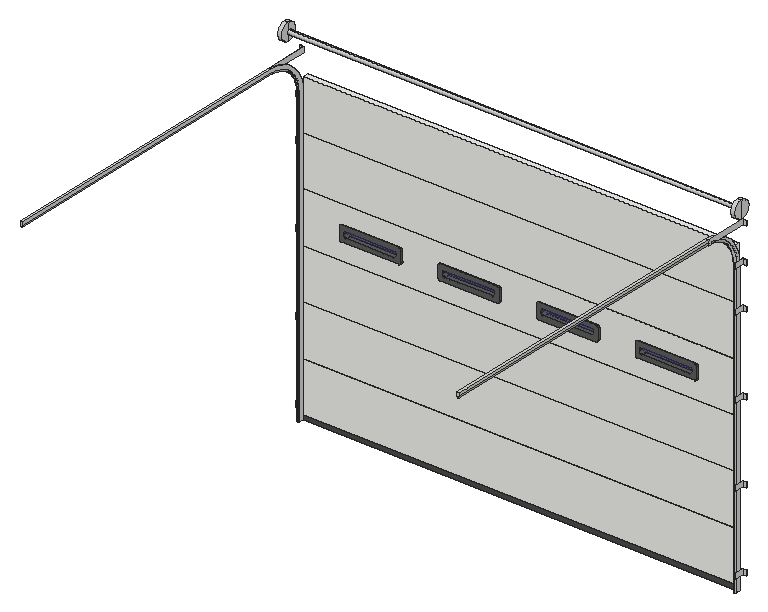
Revit family "Overhead-Sect_HAAS_Res_2000", category Doors, host Wall, Revit 2026
Family settings
  Host = Wall
  Classification Number = 23.30.10.17.37.14
  Always vertical = Yes
  Cut with Voids When Loaded = No
  Shared = No
  Room Calculation Point = No
Parameters
  rearspring = no
  Warranty Duration (Years) = 0
  Viewport Frame Finish [instance] = Finish - Trim - HAAS - Black
  Unit Width [instance] = if(Wood Jamb, Opening Width, Opening Width + 0' 2")  # 14' - 0"
  Wood Jamb [instance] = yes
  URL = "http://www.haasdoor.com/about/index.html"
  U Value = 0
  Type Comments = ""
  Track_High Lift_CHECK WITH HAAS FOR VALUE [instance] = 0' - 7"
  Track [instance] = Steel
  Thickness = 0' - 0"  # constant formula
  Test Data = ""
  Steel Jamb [instance] = not(Wood Jamb)  # no
  Standards Conformance = "as Specified"
  Specification = ""
  SpecWizard = ""
  Send Message = ""
  Sales Information = "http://www.haasdoor.com/locator/index.php"
  Rough Width = 0' - 0"  # constant formula
  Rough Height = 0' - 0"  # constant formula
  Roof Incline Default = 0.00°
  Revision = "R1_2015-11"
  Recycled Content [instance] = "as Specified"
  R-Value = 13.45
  Product Properties = ""
  Product Data = "http://www.arcat.com/arcatcos/cos32/arc32915.html"
  Panel Width [instance] = 14' - 0"
  Panel Thickness = 0' - 2"
  Panel Material_Interior [instance] = Metal - Steel - HAAS - Polar White V-Groove
  Panel Material_Inset Panel [instance] = Metal - Steel - HAAS - Polar White
  Panel Material_Exterior [instance] = Metal - Steel - HAAS - Polar White
  Panel Height [instance] = if(1 = 1, Opening Height, 0' 0")  # 10' - 0"
  Overhead Sectional Style [instance] = Door_Overhead-Sectional-Panel_Haas_No-Inset-Panels : Design B
  Operation = "Overhead Sectional"
  Opening Width [instance] = 14' - 0"
  Opening Height [instance] = 10' - 0"
  Track Type [instance] = Tracks_Standard-Lift : Tracks_Standard-Lift
  Model = ""
  Max Width = 0' - 0"
  Max Height = 0' - 0"
  Manufacturer Website = "http://www.haasdoor.com/about/index.html"
  Manufacturer Phone - Toll Free = ""
  Manufacturer Phone = "419-337-9900"
  Manufacturer Fax = "800-874-4227"
  Manufacturer Address = "320 Sycamore Rd. Wauseon, OH 43567"
  Manufacturer = "Haas Door Co."
  Maintenance Schedule (Months) = 0
  Keynote = "08360"
  Interior Skin = "as Specified"
  Installation-Fabrication = ""
  Installation Phase = ""
  Green Building-LEED = ""
  Viewport Glazing [instance] = Glass
  Function = 1
  Height = 0' - 0"  # constant formula
  Wall Closure = (empty or 0)
  Width = 0' - 0"  # constant formula
  Fire Rating = ""
  Exterior Skin = "as Specified"
  Expected Lifespan (Years) = 0
  End Stile Type = "as Specified"
  Drawn By = "Sumex Design, Inc."
  Description = "Haas Residential Overhead Sectional Door - 2000 Series"
  Cost = 0
  Copyright = "©Arcat Inc."  # constant formula
  Construction Type = ""
  Construction Details = ""
  Building Codes = ""
  Bottom Seal Color [instance] = Finish - Weather Seal - HAAS - Black
  Assembly Code = "B2030410"
  AAMA Designation = "as Specified"
  3in Track [instance] = not([2in Track])  # no
  2in Track [instance] = yes
Reference planes (in)
  plane 1 "Center (Front/Back)": y = 0
  plane 2 "Center (Left/Right)": x = 0
  plane 3 "Left": x = -84
  plane 4 "Right": x = 84
  plane 5 "Top": z = 120
  plane 6 "Exterior": y = 3
  plane 7 "Interior": y = -3
  plane 8: z = 2
  plane 9 "Back of Panel": y = -5
  plane 10: y = -4
  plane 11 "Track": y = -4.625
Lines and regions (in)
  Opening 1
    outline origin (-90, -3, 0) x (1, 0, 0) y (0, 0, 1)
      loop
        line (6, 0) -> (174, 0) -> (174, 120) -> (6, 120) -> (6, 0)
Text (in)
  text "Exterior" at (-74.96733, 27.31104, 0), in view "Ref. Level"
  text "Interior" at (-74.96733, -25.14366, 0), in view "Ref. Level"
  text "Exterior" at (0, 40.15149, 123.01588), in view "Right"
  text "Interior" at (0, -64.39139, 123.01588), in view "Right"
  text "Interior" at (0, -31.01599, 123.00693), in view "Left"
  text "Exterior" at (0, 54.57065, 123.00693), in view "Left"
Dimensions and locks (in)
  equal spacing: plane 3 "Left", plane 2 "Center (Left/Right)", plane 4 "Right"
  "Opening Height": level to plane 5 "Top"
  "Opening Width": plane 3 "Left" to plane 4 "Right"
  plane 8 to level = 0' - 2"
  plane 3 "Left" to plane 4 "Right" = 14' - 0"
  "Panel Thickness": plane 9 "Back of Panel" to plane 7 "Interior"
  equal spacing: plane 9 "Back of Panel", plane 10, plane 7 "Interior"
  locked: plane 11 "Track" to plane 7 "Interior" at 1.625
  aligned and locked: plane 3 "Left" to Opening 1 sketch curve
  aligned and locked: plane 5 "Top" to Opening 1 sketch curve
  aligned and locked: Opening 1 sketch curve to plane 5 "Top"
  aligned and locked: Opening 1 sketch curve to plane 4 "Right"
  aligned and locked: Opening 1 sketch curve to level
  aligned and locked: plane 6 "Exterior" to host wall
  aligned and locked: plane 7 "Interior" to host wall
  aligned and locked: nested 1 to plane 2 "Center (Left/Right)"
  aligned and locked: level to nested 1
  aligned and locked: nested 1 to plane 11 "Track"
  aligned and locked: nested 2 to plane 2 "Center (Left/Right)"
  aligned and locked: plane 10 to nested 2
Nested families (in)
  nested 1: "Tracks_Standard-Lift" at (0, -5.625, 0), Unit Width <- "Unit Width", Opening Height <- "Opening Height", Track <- "Track", Wood Jamb <- "Wood Jamb", 2in Track <- "2in Track", type <- "Track Type", High Lift Height <- "Track_High Lift_CHECK WITH HAAS FOR VALUE", Door Height <- "Panel Height", Rear Mount Spring <- "rearspring", Roof Incline <- "Roof Incline Default", type "Tracks_Standard-Lift"
    with trackradinsetv 0' - 0", trackradinseth 0' - 0", sideroomint 0' - 1 5/8", roofpitchheight 0' - 0", offsettrackradv 1' - 2.73821", offsettrackradh 1' - 2.99772", offset 0' - 0", highliftcalc 0' - 8", breakoutrun 1, breakoutrise 12, breakawaylength 0' - 0", breakaway angle 1.00°, Wood Jamb yes, Unit Width 14' - 0", Unit Depth 0' - 2", Track Radius 1' - 3", Track Offset from Door Edge 0' - 0 1/2", Track Steel, Steel Jamb no, Standard Spring Location yes, Sideroom_Spring 0' - 3", Sideroom_Jambs 0' - 3", Roof Incline 0.00°, Rear Mount Spring no, Opening Width 14' - 0", Opening Height 10' - 0", High Lift Height 0' - 7", Headroom Clearance 1' - 7", Door Height 10' - 0", Breakaway Start 0' - 8", Back Depth 11' - 6", 3in Track no, 2in Track yes, 1 in 12 Breakout yes, 1 5 in 12 Breakout no
  nested 2: "Door_Overhead-Sectional-Panel_Haas_No-Inset-Panels" at (0, -4, 0) x (-1, 0, 0) z (0, 0, 1), Viewport Finish <- "Viewport Frame Finish", Panel Material_Interior <- "Panel Material_Interior", Panel Material_Inset Panel <- "Panel Material_Inset Panel", Panel Material_Exterior <- "Panel Material_Exterior", Viewport Glazing <- "Viewport Glazing", Bottom Seal Color <- "Bottom Seal Color", Panel Width <- "Panel Width", Panel Thickness <- "Panel Thickness", Panel Height <- "Panel Height", type <- "Overhead Sectional Style", type "Design B"
    with Viewport Glazing Glass, Viewport Finish Finish - Trim - HAAS - Black, Unit Width 14' - 0", Unit Height 1' - 7.66667", Panel Width 14' - 0", Panel Thickness 0' - 2", Panel Material_Interior Metal - Steel - HAAS - Polar White V-Groove, Panel Material_Inset Panel Metal - Steel - HAAS - Polar White, Panel Material_Exterior Metal - Steel - HAAS - Polar White, Panel Height 10' - 0", Panel 9 Vis no, Panel 9 Control 0' - 0", Panel 8 Vis no, Panel 8 Control 0' - 0", Panel 7 Vis no, Panel 7 Control 0' - 0", Panel 6 Vis yes, Panel 6 Control 1' - 7.66667", Panel 5 Vis yes, Panel 5 Control 1' - 7.66667", Panel 4 Vis yes, Panel 4 Control 1' - 7.66667", Panel 3 Vis yes, Panel 3 Control 1' - 7.66667", Panel 2 Vis yes, Panel 2 Control 1' - 7.66667", Panel 10 Vis no, Panel 10 Control 0' - 0", Panel 1 Vis yes, Bottom Seal Color Finish - Weather Seal - HAAS - Black
Definition of nested family "Tracks_Standard-Lift"
  Parameters
    trackradinsetv [instance] = Track Radius - (Track Radius * cos(Roof Incline))  # 0' - 0"
    trackradinseth [instance] = Track Radius * sin(Roof Incline)  # 0' - 0"
    sideroomint [instance] = if(Steel Jamb, 0' 3", 0' 1 5/8")  # 0' - 1 5/8"
    roofpitchheight [instance] = (Back Depth) * tan(Roof Incline)  # 0' - 0"
    offsettrackradv [instance] = Track Radius - (Track Radius * sin(breakaway angle))  # 1' - 2.73821"
    offsettrackradh [instance] = Track Radius * cos(breakaway angle)  # 1' - 2.99772"
    offset [instance] = 0' - 0"  # constant formula
    breakoutrun [instance] = if([1 in 12 Breakout], 1, 1.5)  # 1
    breakoutrise [instance] = 12  # constant formula
    breakawaylength [instance] = (Breakaway Start + High Lift Height - Track Radius) / tan(90.00° - breakaway angle)  # 0' - 0.26183"
    breakaway angle [instance] = 1.00°  # constant formula
    Wood Jamb [instance] = yes
    Unit Width [instance] = 8' - 0"
    Unit Depth [instance] = if([2in Track], 0' 2", if([3in Track], 0' 3", 0' 2"))  # 0' - 3"
    URL = ""
    Track Radius [instance] = 1' - 3"
    Track [instance] = none
    Steel Jamb [instance] = not(Wood Jamb)  # no
    Standard Spring Location [instance] = yes
    Specification = ""
    SpecWizard = ""
    Track Offset from Door Edge [instance] = 0' - 0 1/2"
    Sideroom_Spring [instance] = 0' - 3"  # constant formula
    Sideroom_Jambs [instance] = 0' - 3"  # constant formula
    Sales Information = ""
    Roof Incline [instance] = 0.00°
    Revision = ""
    Rear Mount Spring [instance] = yes
    Product Properties = ""
    Product Data = ""
    Opening Width [instance] = if(Wood Jamb, Unit Width, Unit Width - 0' 1")  # 8' - 0"
    Opening Height [instance] = 8' - 0"
    Model = "As Specified"
    Manufacturer = ""
    Keynote = ""
    Installation-Fabrication = ""
    highliftcalc [instance] = if(Headroom Clearance < 5' 4 3/256", Headroom Clearance - 0' 11", if(and(Headroom Clearance > 5' 4", Headroom Clearance < 11' 1 3/256"), Headroom Clearance - 1' 1", if(and(Headroom Clearance > 11' 1", Headroom Clearance < 15' 0 3/256"), Headroom Clearance - 1' 5", 1' 0")))  # 1' - 11"
    High Lift Height [instance] = 1' - 10"
    Headroom Clearance [instance] = High Lift Height + 1' 0"  # 2' - 10"
    Green Building-LEED = ""
    Drawn By = "Sumex Design, Inc. / Robert S. Weygant, CSI, CDT, SCIP"
    Door Height [instance] = 8' - 0"
    Description = ""
    Default Elevation = 0' - 0"  # constant formula
    Copyright = "©Arcat Inc."
    Construction Details = ""
    Breakaway Start [instance] = if([1 in 12 Breakout], 0' 8", if([1 5 in 12 Breakout], 1' 2", 1' 0"))  # 0' - 8"
    Back Depth [instance] = Door Height + 1' 6"  # 9' - 6"
    Assembly Code = ""
    3in Track [instance] = not([2in Track])  # yes
    2in Track [instance] = no
    1 in 12 Breakout [instance] = yes
    1 5 in 12 Breakout [instance] = not([1 in 12 Breakout])  # no
  Reference planes (in)
    plane 1 "Center (Front/Back)": y = 0
    plane 2 "Bottom": z = 0
    plane 3 "Center (Left/Right)": x = 0
    plane 4 "Front": y = -1.5
    plane 5 "Back": y = 1.5
    plane 6 "Left": x = -48
    plane 7 "Right": x = 48
    plane 8 "Top": z = 121
    plane 9: z = 96
    plane 10: x = -48
    plane 11: x = 48
    plane 12: z = 130
    plane 13: y = -110.875
    plane 14: y = -13.49772
    plane 15: z = 106.26179
    plane 16 "Origin": y = 3.125
    plane 17: z = 74
    plane 18: z = 51.33333
    plane 19: z = 28.66667
    plane 20: z = 6
    plane 21: z = 97.13089
    plane 22: x = 51
    plane 23: x = -51
    plane 24 "Drum CL": y = -1.875
    plane 25: z = 106
    plane 26: z = 118
    plane 27: y = -13.49772
    plane 28: z = 121
    plane 29: x = -49.625
    plane 30: x = 49.625
  Forms (in)
    Extrusion 1, solid, material <- "Track", visible <- "Wood Jamb"
      sketch origin (0, 0, 0) x (1, 0, 0) y (0, 1, 0)
        loop
          line (-49.5, -13.49772) -> (-49.5, 3.125) -> (-51, 3.125) -> (-51, 3) -> (-49.625, 3) -> (-49.625, -13.49772) -> (-49.5, -13.49772)
        loop
          line (49.5, -13.49772) -> (49.625, -13.49772) -> (49.625, 3) -> (51, 3) -> (51, 3.125) -> (49.5, 3.125) -> (49.5, -13.49772)
      from 0 to 121
    Extrusion 2, void
      sketch origin (0, 0, 0) x (0, 1, 0) y (0, 0, 1)
        loop
          line (-1.5, 5) -> (-1.5, 7) -> (3.125, 7) -> (3.125, 27.66667) -> (-1.5, 27.66667) -> (-1.5, 29.66667) -> (3.125, 29.66667) -> (3.125, 50.33333) -> (-1.5, 50.33333) -> (-1.5, 52.33333) -> (3.125, 52.33333) -> (3.125, 73) -> (-1.5, 73) -> (-1.5, 75) -> (3.125, 75) -> (3.125, 105.26179) -> (-1.5, 105.26179) -> (-1.5, 107.26179) -> (3.125, 107.26179) -> (3.125, 119) -> (-13.49772, 119) -> (-13.49772, 0) -> (3.125, 0) -> (3.125, 5) -> (-1.5, 5)
      from -51 to 51
    Extrusion 3, solid, material <- "Track", visible <- "Steel Jamb"
      sketch origin (0, 0, 0) x (1, 0, 0) y (0, 1, 0)
        loop
          line (-51, 3.125) -> (-51, -13.49772) -> (-50.875, -13.49772) -> (-50.875, 3) -> (-48.375, 3) -> (-48.375, 3.125) -> (-51, 3.125)
        loop
          line (51, 3.125) -> (48.375, 3.125) -> (48.375, 3) -> (50.875, 3) -> (50.875, -13.49772) -> (51, -13.49772) -> (51, 3.125)
      from 0 to 121
    Revolve 4, solid, material <- "Track"
      sketch origin (0, -1.875, 0) x (0, 0, -1) y (1, 0, 0)
        loop
          line (-130, -53) -> (-126.75, -53) -> (-126.75, 53) -> (-130, 53) -> (-130, 51.5) -> (-127.5, 51.5) -> (-127.5, -51.5) -> (-130, -51.5) -> (-130, -53)
        axis (-126.75, 53) -> (-126.75, -53)
      angle from 0 to 360
    Sweep 5, solid, material <- "Track"
      path origin (0, 0, 0) x (0, 1, 0) y (0, 0, 1)
        loop
          line (1.5, 0) -> (1.5, 106.26179)
          arc (1.5, 106.26179) -> (-2.98408, 116.69876) -> (-13.49772, 121) r 15
          line (-13.49772, 121) -> (-110.875, 121)
      profile origin (0, -62.18636, 121) x (0, 0, -1) y (1, 0, 0)
        loop
          line (2.62111, -48.5) -> (0, -48.5) -> (0, -49.5) -> (2.25, -49.5)
          arc (2.25, -49.5) -> (2.68414, -49.38263) -> (3, -49.0625) r 0.86161
          line (3, -49.0625) -> (3, -48.71875) -> (2.62111, -48.5)
    Sweep 6, solid, material <- "Track"
      path origin (0, 0, 0) x (0, 1, 0) y (0, 0, 1)
        loop
          line (1.5, 0) -> (1.5, 106.26179)
          arc (1.5, 106.26179) -> (-2.98408, 116.69876) -> (-13.49772, 121) r 15
          line (-13.49772, 121) -> (-110.875, 121)
      profile origin (0, -62.18636, 121) x (0, 0, -1) y (1, 0, 0)
        loop
          line (0, 49.5) -> (0, 48.5) -> (2.62111, 48.5) -> (3, 48.71875) -> (3, 49.0625)
          arc (3, 49.0625) -> (2.68414, 49.38263) -> (2.25, 49.5) r 0.86161
          line (2.25, 49.5) -> (0, 49.5)
  Cuts and joins
    Extrusion 2 cuts Extrusion 1
    Extrusion 2 cuts Extrusion 3
  Lines and regions (in)
    reference lines
      curve 1: arc (0, 0.25, 112.00003) -> (0, -5.28189, 118.54991) -> (0, -13.49772, 121) r 15
      curve 2: line (0, -13.49772, 121) -> (0, -110.875, 121)
  Text (in)
    text "OPENING" at (0, 24.81124, 52.10269), in view "Right"
    text "STANDARD LIFT" at (0, 24.81124, 118.55424), in view "Right"
  Dimensions and locks (in)
    equal spacing: plane 6 "Left", plane 3 "Center (Left/Right)", plane 7 "Right"
    "Unit Width": plane 6 "Left" to plane 7 "Right"
    equal spacing: plane 5 "Back", plane 1 "Center (Front/Back)", plane 4 "Front"
    "Unit Depth": plane 5 "Back" to plane 4 "Front"
    equal spacing: plane 10, plane 3 "Center (Left/Right)", plane 11
    "Opening Width": plane 10 to plane 11
    "Headroom Clearance": plane 12 to plane 9
    "Back Depth": plane 13 to plane 16 "Origin"
    "offsettrackradv": plane 8 "Top" to plane 15
    locked: plane 16 "Origin" to plane 5 "Back" at 1.625
    "Sideroom_Jambs": Extrusion 1 sketch curve to plane 10
    "Sideroom_Jambs": plane 11 to Extrusion 1 sketch curve
    locked: plane 20 to level at 6
    equal spacing: plane 17, plane 18, plane 19, plane 20
    Extrusion 2 sketch curve to plane 20 to Extrusion 2 sketch curve = 0' - 1" locked, 0' - 1" locked
    Extrusion 2 sketch curve to plane 19 to Extrusion 2 sketch curve = 0' - 1" locked, 0' - 1" locked
    Extrusion 2 sketch curve to plane 18 to Extrusion 2 sketch curve = 0' - 1" locked, 0' - 1" locked
    Extrusion 2 sketch curve to plane 17 to Extrusion 2 sketch curve = 0' - 1" locked, 0' - 1" locked
    Extrusion 2 sketch curve to plane 15 to Extrusion 2 sketch curve = 0' - 1" locked, 0' - 1" locked
    "Sideroom_Spring": plane 23 to plane 10
    "Sideroom_Spring": plane 11 to plane 22
    locked: Extrusion 3 sketch curve to plane 10 at 0.375
    locked: plane 11 to Extrusion 3 sketch curve at 0.375
    locked: plane 24 "Drum CL" to plane 16 "Origin" at 5
    locked: Revolve 4 sketch curve to plane 10 at 5
    locked: plane 11 to Revolve 4 sketch curve at 5
    locked: Revolve 4 sketch curve to Revolve 4 sketch curve at 1.5  (x2)
    locked: Revolve 4 sketch curve to Revolve 4 sketch curve at 0.75
    locked: Revolve 4 sketch curve to Revolve 4 sketch curve at 3.25  (x2)
    locked: Extrusion 1 sketch curve to Extrusion 1 sketch curve at 0.125
    "Opening Height": plane 9 to level
    "Track Radius": plane 8 "Top" to plane 25
    "High Lift Height": plane 26 to plane 9
    "Unit Depth": plane 8 "Top" to plane 26
    "offsettrackradh": plane 14 to plane 5 "Back"
    "trackradinseth": plane 14 to plane 27
    "trackradinsetv": plane 8 "Top" to plane 28
    "Unit Depth": Sweep 5 sketch curve to Sweep 5 sketch curve
    locked: plane 8 "Top" to Extrusion 2 sketch curve at 2
    "Unit Depth": Sweep 6 sketch curve to Sweep 6 sketch curve
    Extrusion 1 sketch curve to Extrusion 1 sketch curve to plane 10 = 0' - 0 1/8" locked, 0' - 1 1/2" locked
    equal spacing: Sweep 5 sketch curve, Sweep 5 sketch curve, Sweep 5 sketch curve, Sweep 5 sketch curve, plane 10
    equal spacing: plane 11, Sweep 6 sketch curve, Sweep 6 sketch curve, Sweep 6 sketch curve, Sweep 6 sketch curve
    "sideroomint": plane 29 to plane 10
    plane 29 to Sweep 5 sketch curve to Sweep 5 sketch curve to Sweep 5 sketch curve to Sweep 5 sketch curve = 0' - 0 1/8" locked, 0' - 0 7/16" locked, 0' - 0 11/32" locked, 0' - 0 7/32" locked
    "Sideroom_Jambs": Extrusion 3 sketch curve to plane 10
    locked: Extrusion 3 sketch curve to Extrusion 3 sketch curve at 0.125  (x2)
    "Sideroom_Jambs": plane 11 to Extrusion 3 sketch curve
    locked: plane 11 to Extrusion 1 sketch curve at 1.5
    "sideroomint": plane 11 to plane 30
    Sweep 6 sketch curve to Sweep 6 sketch curve to Sweep 6 sketch curve to Sweep 6 sketch curve to plane 30 = 0' - 0 7/32" locked, 0' - 0 11/32" locked, 0' - 0 7/16" locked, 0' - 0 1/8" locked
    locked: Revolve 4 sketch curve to plane 26 at 8.75
    locked: plane 9 to plane 17 at 22
    "Track Radius": radius of curve 1
    "Track Radius": radius of Sweep 6 sketch curve
    "Roof Incline": angle curve 2 to plane 28
    "Roof Incline": angle Sweep 5 sketch curve to plane 28
    "Roof Incline": angle Sweep 6 sketch curve to plane 28
    aligned and locked: plane 14 to Extrusion 1 sketch curve
    aligned and locked: Extrusion 1 sketch curve to plane 14
    aligned and locked: Extrusion 2 sketch curve to plane 14
    aligned and locked: Extrusion 2 sketch curve to plane 16 "Origin"
    aligned and locked: plane 4 "Front" to Extrusion 2 sketch curve  (x4)
    aligned and locked: Extrusion 2 sketch curve to plane 4 "Front"
    aligned and locked: plane 23 to Extrusion 2
    aligned and locked: Extrusion 2 to plane 22
    aligned and locked: Extrusion 3 sketch curve to plane 14
    aligned and locked: plane 14 to Extrusion 3 sketch curve
    aligned and locked: Revolve 4 sketch curve to Revolve 4 sketch curve
    aligned and locked: plane 27 to curve 1
    aligned and locked: plane 25 to curve 1
    aligned and locked: plane 14 to curve 1
    aligned and locked: plane 13 to curve 2
    aligned and locked: Sweep 5 sketch curve to curve 1
    aligned and locked: plane 13 to Sweep 5 sketch curve
    aligned and locked: plane 27 to Sweep 5 sketch curve
    aligned and locked: plane 8 "Top" to Extrusion 3
    aligned and locked: plane 8 "Top" to Extrusion 1
    aligned and locked: plane 13 to Sweep 6 sketch curve
    aligned and locked: plane 15 to Sweep 5 sketch curve
    aligned and locked: plane 27 to Sweep 6 sketch curve
    aligned and locked: plane 28 to Sweep 6 sketch curve
    aligned and locked: plane 15 to Sweep 6 sketch curve
    aligned and locked: plane 5 "Back" to Sweep 6 sketch curve
  Automatic sketch dimensions
    Extrusion 1 sketch curve to plane 16 "Origin" = 0' - 0"  (x2)
    Extrusion 1 sketch curve to plane 16 "Origin" = 0' - 0 1/8"  (x2)
    Extrusion 3 sketch curve to plane 16 "Origin" = 0' - 0"  (x2)
    Extrusion 3 sketch curve to plane 16 "Origin" = 0' - 0 1/8"  (x2)
    Revolve 4 sketch curve to Revolve 4 sketch curve = 0' - 0"
    Revolve 4 sketch curve to Revolve 4 sketch curve = 0' - 3"
    Sweep 5 sketch curve to level = 0' - 0"
    Sweep 5 sketch curve to profile plane = 0' - 0"
    Sweep 5 sketch curve to Sweep 5 sketch curve = 0' - 0.37111"
    Sweep 5 sketch curve to Sweep 5 sketch curve = 0' - 0.13839"
    Sweep 6 sketch curve to profile plane = 0' - 0"
    Sweep 6 sketch curve to Sweep 6 sketch curve = 0' - 0.37111"
    Sweep 6 sketch curve to Sweep 6 sketch curve = 0' - 0.13839"
    curve 1 to plane 1 "Center (Front/Back)" = 0' - 0 1/4"
    Sweep 6 sketch curve to level = 0' - 0"
    Extrusion 2 sketch curve to plane 16 "Origin" = 0' - 0"  (x5)
    Extrusion 2 sketch curve to level = 0' - 0"
Definition of nested family "Door_Overhead-Sectional-Panel_Haas_No-Inset-Panels"
  Parameters
    Width = 10' - 0"
    Viewport Finish [instance] = none
    Unit Width [instance] = Panel Width  # 10' - 0"
    Unit Height [instance] = if(Number Panels > 3, ((Panel Height - 0' 2") / Number Panels), ((Panel Height - 0' 2") / 4))  # 1' - 7.66667"
    Thickness = 0' - 3"
    Section Type_Row 10 = HAAS_Section_Flush : Standard
    Section Type_Row 9 = HAAS_Section_Flush : Standard
    Section Type_Row 8 = HAAS_Section_Flush : Standard
    Section Type_Row 7 = HAAS_Section_Flush : Standard
    Section Type_Row 6 = HAAS_Section_Flush : Standard
    Section Type_Row 5 = HAAS_Section_Flush : Standard
    Section Type_Row 4 = HAAS_Section_Flush : Standard
    Section Type_Row 3 = HAAS_Section_Flush : Standard
    Section Type_Row 2 = HAAS_Section_Flush : Standard
    Section Type_Row 1 = HAAS_Section_Flush : Standard
    Panel Width [instance] = 10' - 0"
    Panel Thickness [instance] = 0' - 3"
    Panel Material_Interior [instance] = none
    Panel Material_Inset Panel [instance] = none
    Panel Material_Exterior [instance] = none
    Panel Height [instance] = 10' - 0"
    Panel 9 Vis [instance] = Number Panels > 8  # no
    Panel 9 Control [instance] = if(Panel 9 Vis, Unit Height, 0' 0")  # 0' - 0"
    Panel 8 Vis [instance] = Number Panels > 7  # no
    Panel 8 Control [instance] = if(Panel 8 Vis, Unit Height, 0' 0")  # 0' - 0"
    Panel 7 Vis [instance] = Number Panels > 6  # no
    Panel 7 Control [instance] = if(Panel 7 Vis, Unit Height, 0' 0")  # 0' - 0"
    Panel 6 Vis [instance] = Number Panels > 5  # yes
    Panel 6 Control [instance] = if(Panel 6 Vis, Unit Height, 0' 0")  # 1' - 7.66667"
    Panel 5 Vis [instance] = Number Panels > 4  # yes
    Panel 5 Control [instance] = if(Panel 5 Vis, Unit Height, 0' 0")  # 1' - 7.66667"
    Panel 4 Vis [instance] = Number Panels > 3  # yes
    Panel 4 Control [instance] = if(Panel 4 Vis, Unit Height, 0' 0")  # 1' - 7.66667"
    Panel 3 Vis [instance] = Number Panels > 2  # yes
    Panel 3 Control [instance] = if(Panel 3 Vis, Unit Height, 0' 0")  # 1' - 7.66667"
    Panel 2 Vis [instance] = Number Panels > 1  # yes
    Panel 2 Control [instance] = if(Panel 2 Vis, Unit Height, 0' 0")  # 1' - 7.66667"
    Panel 10 Vis [instance] = Number Panels > 9  # no
    Panel 10 Control [instance] = if(Panel 10 Vis, Unit Height, 0' 0")  # 0' - 0"
    Panel 1 Vis [instance] = Number Panels > 0  # yes
    Number Panels = 6
    Viewport Glazing [instance] = none
    Height = 8' - 0"
    End Stile Width_CONTACT HAAS FOR VALUE = 0' - 0"
    Default Elevation = 4' - 0"
    Bottom Seal Color [instance] = none
  Reference planes (in)
    plane 1 "Center (Front/Back)": y = 0
    plane 2: z = 0
    plane 3 "Center (Left/Right)": x = 0
    plane 4 "Left": x = -60
    plane 5 "Right": x = 60
    plane 6 "Back": y = 1.5
    plane 7 "Front": y = -1.5
    plane 8 "1T": z = 21.66667
    plane 9 "1B": z = 2
    plane 10: z = 41.33333
    plane 11 "2B": z = 21.66667
    plane 12: z = 61
    plane 13 "3B": z = 41.33333
    plane 14: z = 80.66667
    plane 15 "4B": z = 61
    plane 16: z = 100.33333
    plane 17 "5B": z = 80.66667
    plane 18: z = 120
    plane 19 "6B": z = 100.33333
    plane 20: z = 120
    plane 21 "7B": z = 100.33333
    plane 22: z = 120
    plane 23 "8B": z = 100.33333
    plane 24: z = 120
    plane 25 "9B": z = 100.33333
    plane 26: z = 120
    plane 27 "10B": z = 100.33333
  Forms (in)
    Extrusion 1, solid, material <- "Bottom Seal Color"
      sketch origin (0, 0, 0) x (0, 1, 0) y (0, 0, 1)
        loop
          line (-1.375, 2) -> (-1.375, 0) -> (1.375, 0) -> (1.375, 2) -> (-1.375, 2)
      from -60 to 60
  Dimensions and locks (in)
    equal spacing: plane 4 "Left", plane 3 "Center (Left/Right)", plane 5 "Right"
    "Panel Width": plane 4 "Left" to plane 5 "Right"
    equal spacing: plane 6 "Back", plane 1 "Center (Front/Back)", plane 7 "Front"
    "Panel Thickness": plane 6 "Back" to plane 7 "Front"
    "Unit Height": plane 8 "1T" to plane 9 "1B"
    "Unit Height": plane 10 to plane 11 "2B"
    "Unit Height": plane 12 to plane 13 "3B"
    "Unit Height": plane 14 to plane 15 "4B"
    "Unit Height": plane 16 to plane 17 "5B"
    "Unit Height": plane 18 to plane 19 "6B"
    "Unit Height": plane 20 to plane 21 "7B"
    "Unit Height": plane 22 to plane 23 "8B"
    "Unit Height": plane 24 to plane 25 "9B"
    "Unit Height": plane 26 to plane 27 "10B"
    locked: plane 9 "1B" to level at 2
    "Panel 2 Control": plane 11 "2B" to plane 9 "1B"
    "Panel 3 Control": plane 13 "3B" to plane 11 "2B"
    "Panel 4 Control": plane 15 "4B" to plane 13 "3B"
    "Panel 5 Control": plane 17 "5B" to plane 15 "4B"
    "Panel 6 Control": plane 19 "6B" to plane 17 "5B"
    "Panel 7 Control": plane 21 "7B" to plane 19 "6B"
    "Panel 8 Control": plane 23 "8B" to plane 21 "7B"
    "Panel 9 Control": plane 25 "9B" to plane 23 "8B"
    "Panel 10 Control": plane 27 "10B" to plane 25 "9B"
    locked: Extrusion 1 sketch curve to plane 6 "Back" at 0.125
    locked: plane 7 "Front" to Extrusion 1 sketch curve at 0.125
    aligned and locked: plane 2 to level
    aligned and locked: plane 3 "Center (Left/Right)" to nested 1
    aligned and locked: plane 3 "Center (Left/Right)" to nested 2
    aligned and locked: plane 3 "Center (Left/Right)" to nested 3
    aligned and locked: plane 3 "Center (Left/Right)" to nested 4
    aligned and locked: plane 3 "Center (Left/Right)" to nested 5
    aligned and locked: plane 3 "Center (Left/Right)" to nested 6
    aligned and locked: plane 3 "Center (Left/Right)" to nested 7
    aligned and locked: plane 3 "Center (Left/Right)" to nested 8
    aligned and locked: plane 3 "Center (Left/Right)" to nested 9
    aligned and locked: plane 3 "Center (Left/Right)" to nested 10
    aligned and locked: plane 1 "Center (Front/Back)" to nested 1
    aligned and locked: plane 1 "Center (Front/Back)" to nested 2
    aligned and locked: plane 1 "Center (Front/Back)" to nested 3
    aligned and locked: plane 1 "Center (Front/Back)" to nested 4
    aligned and locked: nested 5 to plane 1 "Center (Front/Back)"
    aligned and locked: nested 6 to plane 1 "Center (Front/Back)"
    aligned and locked: nested 7 to plane 1 "Center (Front/Back)"
    aligned and locked: nested 8 to plane 1 "Center (Front/Back)"
    aligned and locked: nested 9 to plane 1 "Center (Front/Back)"
    aligned and locked: nested 10 to plane 1 "Center (Front/Back)"
    aligned and locked: plane 5 "Right" to Extrusion 1
    aligned and locked: Extrusion 1 to plane 4 "Left"
  Automatic sketch dimensions
    Extrusion 1 sketch curve to level = 0' - 0"
    Extrusion 1 sketch curve to plane 9 "1B" = 0' - 0"
  Nested families (in)
    nested 1: "HAAS_Section_Flush" at (0, 0, 2), type <- "Section Type_Row 1", visible <- "Panel 1 Vis", Unit Width <- "Unit Width", Unit Height <- "Unit Height", Viewport Glazing <- "Viewport Glazing", Viewport Finish <- "Viewport Finish", Panel Material_Interior <- "Panel Material_Interior", Panel Material_Inset Panel <- "Panel Material_Inset Panel", Panel Material_Exterior <- "Panel Material_Exterior", Unit Depth <- "Panel Thickness", type "Standard"
      with Viewport Glazing none, Viewport Finish none, Unit Width 10' - 0", Unit Height 1' - 7.66667", Unit Depth 0' - 3", Panel Material_Interior none, Panel Material_Inset Panel none, Panel Material_Exterior none
    nested 2: "HAAS_Section_Flush" at (0, 0, 21.66667), type <- "Section Type_Row 2", visible <- "Panel 2 Vis", Unit Width <- "Unit Width", Unit Height <- "Unit Height", Viewport Glazing <- "Viewport Glazing", Viewport Finish <- "Viewport Finish", Panel Material_Interior <- "Panel Material_Interior", Panel Material_Inset Panel <- "Panel Material_Inset Panel", Panel Material_Exterior <- "Panel Material_Exterior", Unit Depth <- "Panel Thickness", type "Standard"
      with Viewport Glazing none, Viewport Finish none, Unit Width 10' - 0", Unit Height 1' - 7.66667", Unit Depth 0' - 3", Panel Material_Interior none, Panel Material_Inset Panel none, Panel Material_Exterior none
    nested 3: "HAAS_Section_Flush" at (0, 0, 41.33333), type <- "Section Type_Row 3", visible <- "Panel 3 Vis", Unit Width <- "Unit Width", Unit Height <- "Unit Height", Viewport Glazing <- "Viewport Glazing", Viewport Finish <- "Viewport Finish", Panel Material_Interior <- "Panel Material_Interior", Panel Material_Inset Panel <- "Panel Material_Inset Panel", Panel Material_Exterior <- "Panel Material_Exterior", Unit Depth <- "Panel Thickness", type "Standard"
      with Viewport Glazing none, Viewport Finish none, Unit Width 10' - 0", Unit Height 1' - 7.66667", Unit Depth 0' - 3", Panel Material_Interior none, Panel Material_Inset Panel none, Panel Material_Exterior none
    nested 4: "HAAS_Section_Flush" at (0, 0, 61), visible <- "Panel 4 Vis", Unit Width <- "Unit Width", Unit Height <- "Unit Height", Viewport Glazing <- "Viewport Glazing", Viewport Finish <- "Viewport Finish", Panel Material_Interior <- "Panel Material_Interior", Panel Material_Inset Panel <- "Panel Material_Inset Panel", Panel Material_Exterior <- "Panel Material_Exterior", type <- "Section Type_Row 4", Unit Depth <- "Panel Thickness", type "Standard"
      with Viewport Glazing none, Viewport Finish none, Unit Width 10' - 0", Unit Height 1' - 7.66667", Unit Depth 0' - 3", Panel Material_Interior none, Panel Material_Inset Panel none, Panel Material_Exterior none
    nested 5: "HAAS_Section_Flush" at (0, 0, 80.66667), type <- "Section Type_Row 5", visible <- "Panel 5 Vis", Unit Width <- "Unit Width", Unit Height <- "Unit Height", Viewport Glazing <- "Viewport Glazing", Viewport Finish <- "Viewport Finish", Panel Material_Interior <- "Panel Material_Interior", Panel Material_Inset Panel <- "Panel Material_Inset Panel", Panel Material_Exterior <- "Panel Material_Exterior", Unit Depth <- "Panel Thickness", type "Standard"
      with Viewport Glazing none, Viewport Finish none, Unit Width 10' - 0", Unit Height 1' - 7.66667", Unit Depth 0' - 3", Panel Material_Interior none, Panel Material_Inset Panel none, Panel Material_Exterior none
    nested 6: "HAAS_Section_Flush" at (0, 0, 100.33333), type <- "Section Type_Row 6", visible <- "Panel 6 Vis", Unit Width <- "Unit Width", Unit Height <- "Unit Height", Viewport Glazing <- "Viewport Glazing", Viewport Finish <- "Viewport Finish", Panel Material_Interior <- "Panel Material_Interior", Panel Material_Inset Panel <- "Panel Material_Inset Panel", Panel Material_Exterior <- "Panel Material_Exterior", Unit Depth <- "Panel Thickness", type "Standard"
      with Viewport Glazing none, Viewport Finish none, Unit Width 10' - 0", Unit Height 1' - 7.66667", Unit Depth 0' - 3", Panel Material_Interior none, Panel Material_Inset Panel none, Panel Material_Exterior none
    nested 7: "HAAS_Section_Flush" at (0, 0, 100.33333), type <- "Section Type_Row 7", visible <- "Panel 7 Vis", Unit Width <- "Unit Width", Unit Height <- "Unit Height", Viewport Glazing <- "Viewport Glazing", Viewport Finish <- "Viewport Finish", Panel Material_Interior <- "Panel Material_Interior", Panel Material_Inset Panel <- "Panel Material_Inset Panel", Panel Material_Exterior <- "Panel Material_Exterior", Unit Depth <- "Panel Thickness", type "Standard"
      with Viewport Glazing none, Viewport Finish none, Unit Width 10' - 0", Unit Height 1' - 7.66667", Unit Depth 0' - 3", Panel Material_Interior none, Panel Material_Inset Panel none, Panel Material_Exterior none
    nested 8: "HAAS_Section_Flush" at (0, 0, 100.33333), type <- "Section Type_Row 8", visible <- "Panel 8 Vis", Unit Width <- "Unit Width", Unit Height <- "Unit Height", Viewport Glazing <- "Viewport Glazing", Viewport Finish <- "Viewport Finish", Panel Material_Interior <- "Panel Material_Interior", Panel Material_Inset Panel <- "Panel Material_Inset Panel", Panel Material_Exterior <- "Panel Material_Exterior", Unit Depth <- "Panel Thickness", type "Standard"
      with Viewport Glazing none, Viewport Finish none, Unit Width 10' - 0", Unit Height 1' - 7.66667", Unit Depth 0' - 3", Panel Material_Interior none, Panel Material_Inset Panel none, Panel Material_Exterior none
    nested 9: "HAAS_Section_Flush" at (0, 0, 100.33333), type <- "Section Type_Row 9", visible <- "Panel 9 Vis", Unit Width <- "Unit Width", Unit Height <- "Unit Height", Viewport Glazing <- "Viewport Glazing", Viewport Finish <- "Viewport Finish", Panel Material_Interior <- "Panel Material_Interior", Panel Material_Inset Panel <- "Panel Material_Inset Panel", Panel Material_Exterior <- "Panel Material_Exterior", Unit Depth <- "Panel Thickness", type "Standard"
      with Viewport Glazing none, Viewport Finish none, Unit Width 10' - 0", Unit Height 1' - 7.66667", Unit Depth 0' - 3", Panel Material_Interior none, Panel Material_Inset Panel none, Panel Material_Exterior none
    nested 10: "HAAS_Section_Flush" at (0, 0, 100.33333), type <- "Section Type_Row 10", visible <- "Panel 10 Vis", Unit Width <- "Unit Width", Unit Height <- "Unit Height", Viewport Glazing <- "Viewport Glazing", Viewport Finish <- "Viewport Finish", Panel Material_Interior <- "Panel Material_Interior", Panel Material_Inset Panel <- "Panel Material_Inset Panel", Panel Material_Exterior <- "Panel Material_Exterior", Unit Depth <- "Panel Thickness", type "Standard"
      with Viewport Glazing none, Viewport Finish none, Unit Width 10' - 0", Unit Height 1' - 7.66667", Unit Depth 0' - 3", Panel Material_Interior none, Panel Material_Inset Panel none, Panel Material_Exterior none
  Definition of nested family "HAAS_Section_Flush"
    Parameters
      Viewport Glazing [instance] = none
      Viewport Finish [instance] = none
      Unit Width [instance] = 10' - 0"
      Unit Height [instance] = 1' - 3.66667"
      Unit Depth [instance] = 0' - 3"
      Panel Material_Interior [instance] = none
      Panel Material_Inset Panel [instance] = none
      Panel Material_Exterior [instance] = none
      Default Elevation = 4' - 0"
    Reference planes (in)
      plane 1 "Center (Front/Back)": y = 0
      plane 2: z = 0
      plane 3 "Center (Left/Right)": x = 0
      plane 4 "Left": x = -60
      plane 5 "Right": x = 60
      plane 6 "Center (Elevation)": z = 7.83333
      plane 7: z = 15.66667
      plane 8 "Back": y = 1.5
      plane 9 "Front": y = -1.5
    Forms (in)
      Extrusion 1, solid, material <- "Panel Material_Exterior"
        sketch origin (0, 0, 0) x (1, 0, 0) y (0, 0, 1)
          loop
            line (-60, 15.66667) -> (-60, 0) -> (60, 0) -> (60, 15.66667) -> (-60, 15.66667)
        from -1.5 to 1.5
    Dimensions and locks (in)
      equal spacing: plane 4 "Left", plane 3 "Center (Left/Right)", plane 5 "Right"
      "Unit Width": plane 4 "Left" to plane 5 "Right"
      equal spacing: plane 7, plane 6 "Center (Elevation)", level
      "Unit Height": plane 7 to level
      equal spacing: plane 8 "Back", plane 1 "Center (Front/Back)", plane 9 "Front"
      "Unit Depth": plane 8 "Back" to plane 9 "Front"
      aligned and locked: plane 2 to level
      aligned and locked: plane 7 to Extrusion 1
      aligned and locked: plane 5 "Right" to Extrusion 1
      aligned and locked: Extrusion 1 to level
      aligned and locked: Extrusion 1 to plane 4 "Left"
      aligned and locked: plane 8 "Back" to Extrusion 1
      aligned and locked: Extrusion 1 to plane 9 "Front"
    Automatic sketch dimensions
      level to Extrusion 1 sketch curve = 0' - 0"
      plane 4 "Left" to Extrusion 1 sketch curve = 0' - 0"
      Extrusion 1 sketch curve to plane 5 "Right" = 0' - 0"
      Extrusion 1 sketch curve to plane 7 = 0' - 0"
